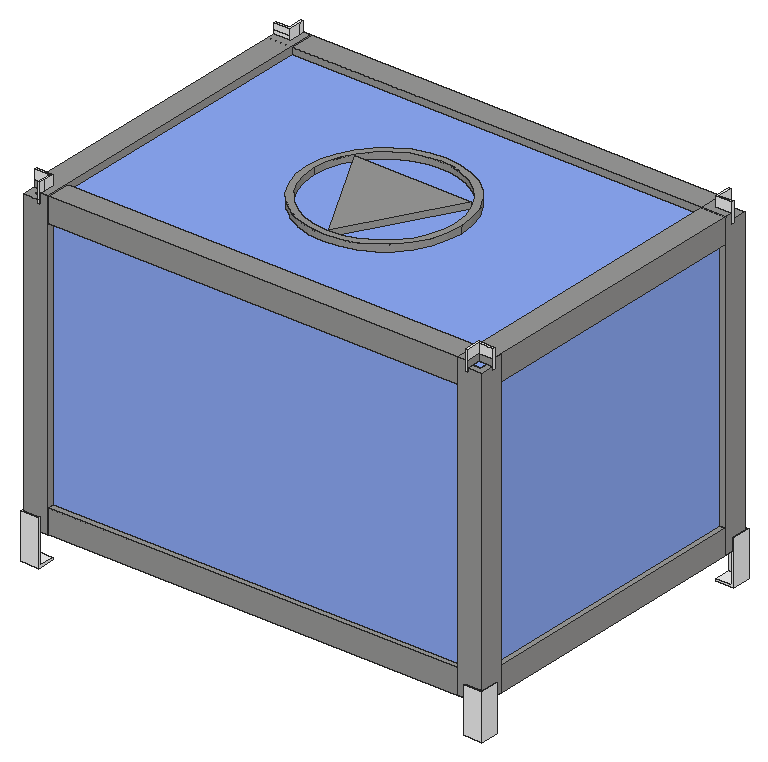
Revit family "2. Вентиляторы UTR V1.REZ", category Оборудование, Revit 2016
Family settings
  Тип детали = Нормальный
  Размер круглого соединителя = Использовать диаметр
  На основе рабочей плоскости = Нет
  Всегда вертикально = Да
  При загрузке вырезать с полостями = Нет
  Общий = Нет
  Точка расчета площади = Нет
Parameters (values of type "50-25/22")
  ширина = 500 mm
  размер В = 635 mm
  высота = 250 mm
  Синий = Синий
  Значок [instance] = yes
  Д1 = Д - 20 mm  # 490 mm
  Д = 510 mm
  ножки(да/нет) [instance] = no
  Г = 395 mm
  Б1 = Б - 20 mm  # 450 mm
  А1 = А - 20 mm  # 690 mm
  А = 710 mm
  высота ножек = 50 mm
  Б = 470 mm
  Частотный преобразователь [instance] = no
  Частота вращения n, об/мин = "2730"
  Тип, марка, обозначение = "UTR 50-25V1.REZ. 22-0,37x27(R)"
  Сила тока J, А = "1,66/0,96"
  Регулятор расхода [instance] = no
  Раздел = "ОВ"
  Примечание = ""
  Позиция = ""
  Напряжение U,В = "3х220/3х380"
  Наименование и тех.хар-ка = "Радиальный вентилятор с назад загнутыми лопатками и резервным электродвигателем выхлоп прямо"  # constant formula
  Мощность двигателя N,Вт = "370"
  Материал = RAL 0000 Серый металл
  Масса единицы = "51.5"
  Код, оборудования = ""
  Ключевая пометка = "Вентиляция"
  Задание электрикам [instance] = no
  Задание автоматчикам [instance] = no
  Завод изготовитель = "KORF"  # constant formula
  Единица измерения = "шт."  # constant formula
  h = высота ножек + 10 mm  # 60 mm
Types (23, lengths in mm): name | ширина | размер В | высота | Д1 | Д | Г | Б1 | А1 | А | Б | Частота вращения n, об/мин | Тип, марка, обозначение | Сила тока J, А | Напряжение U,В | Мощность двигателя N,Вт | Материал | Масса единицы
  50-25/22 | 500 | 635 | 250 | 490 | 510 | 395 | 450 | 690 | 710 | 470 | "2730" | "UTR 50-25V1.REZ. 22-0,37x27(R)" | "1,66/0,96" | "3х220/3х380" | "370" | RAL 0000 Серый металл | "51.5"
  50-25/25 | 500 | 635 | 250 | 490 | 510 | 395 | 450 | 690 | 710 | 470 | "2730" | "UTR 50-25V1.REZ. 25-0,55x27(R)" | "2,47/1,43" | "3х220/3х380" | "550" | Сталь серая | "54.5"
  50-30/25 | 500 | 635 | 300 | 490 | 510 | 445 | 500 | 690 | 710 | 520 | "2730" | "UTR 50-30V1.REZ. 25-0,55x27(R)" | "2,47/1,43" | "3х220/3х380" | "550" | Сталь серая | "56.5"
  50-30/28 | 500 | 635 | 300 | 690 | 710 | 445 | 500 | 690 | 710 | 520 | "2800" | "UTR 50-30V1.REZ. 28-1,1x28(R)" | "4,4/2,52" | "3х220/3х380" | "1100" | Сталь серая | "67.5"
  50-30/31 | 500 | 635 | 300 | 690 | 710 | 445 | 500 | 690 | 710 | 520 | "2800" | "UTR 50-30V1.REZ.31-1,1x28(R)" | "4,4/2,52" | "3х220/3х380" | "1100" | Сталь серая | "67.5"
  60-30/28 | 600 | 735 | 300 | 690 | 710 | 445 | 500 | 790 | 810 | 520 | "2800" | "UTR 60-30V1.REZ. 28-1,1x28(R)" | "4,4/2,52" | "3х220/3х380" | "1100" | Сталь серая | "71"
  60-30/31 | 600 | 735 | 300 | 690 | 710 | 445 | 500 | 790 | 810 | 520 | "2800" | "UTR 60-30V1.REZ. 31-1,1x28(R)" | "4,4/2,52" | "3х220/3х380" | "1100" | Сталь серая | "71"
  60-35/31 | 600 | 735 | 350 | 590 | 610 | 495 | 550 | 790 | 810 | 570 | "2800" | "UTR 60-35V1.REZ.31-1,1x28(R)" | "4,4/2,52" | "3х220/3х380" | "1100" | Сталь серая | "73"
  60-35/31-1,5 | 600 | 735 | 350 | 590 | 610 | 495 | 550 | 790 | 810 | 570 | "2880" | "UTR 60-35V1.REZ. 31-1,5x28(R)" | "5,6/3,3" | "3х220/3х380" | "1500" | Сталь серая | "81.5"
  60-35/35 | 600 | 735 | 350 | 590 | 610 | 495 | 550 | 790 | 810 | 570 | "2860" | "UTR 60-35V1.REZ. 35-2,2x28(R)" | "8,0/4,6" | "3х220/3х380" | "2200" | Сталь серая | "81"
  70-40/31 | 700 | 835 | 400 | 590 | 610 | 545 | 600 | 890 | 910 | 620 | "2800" | "UTR 70-40V1.REZ.31-1,1x28(R)" | "4,4/2,52" | "3х220/3х380" | "1100" | Сталь серая | "79"
  70-40/31-2,2 | 700 | 835 | 400 | 690 | 710 | 545 | 600 | 890 | 910 | 620 | "2860" | "UTR 70-40V1.REZ. 31-2,2x28(R)" | "8,0/4,6" | "3х220/3х380" | "2200" | Сталь серая | "96"
  70-40/35 | 700 | 835 | 400 | 690 | 710 | 545 | 600 | 890 | 910 | 620 | "2860" | "UTR 70-40V1.REZ. 35-2,2x28(R)" | "8,0/4,6" | "3х220/3х380" | "2200" | Сталь серая | "96"
  80-50/35 | 800 | 935 | 500 | 690 | 710 | 645 | 700 | 990 | 1010 | 720 | "2860" | "UTR 80-50V1.REZ. 35-2,2x28(R)" | "8,0/4,6" | "3х220/3х380" | "2200" | Сталь серая | "105"
  80-50/35-3,0 | 800 | 935 | 500 | 690 | 710 | 645 | 700 | 990 | 1010 | 720 | "2860" | "UTR 80-50V1.REZ. 35-3,0x28(R)" | "10,5/6,0" | "3х220/3х380" | "3000" | Сталь серая | "113.5"
  80-50/40 | 800 | 935 | 500 | 820 | 840 | 645 | 700 | 990 | 1010 | 720 | "2850" | "UTR 80-50V1.REZ. 40-4,0x28(R)" | "8,0/4,6" | "3х380/3х660" | "4000" | Сталь серая | "139"
  90-50/35 | 900 | 1050 | 500 | 710 | 730 | 665 | 720 | 1105 | 1125 | 740 | "2860" | "UTR 90-50V1.REZ. 35-3,0x28(R)" | "10,5/6,0" | "3х220/3х380" | "3000" | Сталь серая | "121.5"
  90-50/40 | 900 | 1050 | 500 | 820 | 840 | 665 | 720 | 1105 | 1125 | 740 | "2850" | "UTR 90-50V1.REZ. 40-4,0x28(R)" | "8,0/4,6" | "3х380/3х660" | "4000" | Сталь серая | "144.5"
  90-50/45 | 900 | 1050 | 500 | 820 | 840 | 665 | 720 | 1105 | 1125 | 740 | "1410" | "UTR 90-50V1.REZ. 45-3,0x14(R)" | "11,6/6,7" | "3х220/3х380" | "3000" | Сталь серая | "142.5"
  100-50/40 | 1000 | 1150 | 500 | 820 | 840 | 665 | 720 | 1205 | 1225 | 740 | "2850" | "UTR 100-50V1.REZ. 40-4,0x28(R)" | "8,0/4,6" | "3х380/3х660" | "4000" | Сталь серая | "146.5"
  100-50/45 | 1000 | 1150 | 500 | 820 | 840 | 665 | 720 | 1205 | 1225 | 740 | "1410" | "UTR 100-50V1.REZ. 45-3,0x14(R)" | "11,6/6,7" | "3х220/3х380" | "3000" | Сталь серая | "150.5"
  100-50/45-4,0 | 1000 | 1150 | 500 | 820 | 840 | 665 | 720 | 1205 | 1225 | 740 | "1410" | "UTR 100-50V1.REZ. 45-4,0x14(R)" | "8,5/4,9" | "3х380/3х660" | "4000" | Сталь серая | "161"
  100-50/45-5,5 | 1000 | 1150 | 500 | 820 | 840 | 665 | 720 | 1205 | 1225 | 740 | "1430" | "UTR 100-50V1.REZ. 45-5,5x14(R)" | "11,0/6,5" | "3х380/3х660" | "4000" | Сталь серая | "183"
Reference planes
  plane 1 "По центру (Вперед/Назад)": y = 0
  plane 2: z = 0
  plane 3 "По центру (Влево/Вправо)": x = 0
  plane 4: x = -345
  plane 5: x = 345
  plane 6: y = 245
  plane 7: y = -245
  plane 8: z = 510
  plane 9: z = 60
  plane 10: z = 535
  plane 11: x = 0
Forms (mm)
  Extrusion 1, solid, material "Синий" <- "Синий", detail levels fine
    sketch origin (0, 0, 50) x (1, 0, 0) y (0, 1, 0)
      loop
        line (-345, 245) -> (-345, -245) -> (345, -245) -> (345, 245) -> (-345, 245)
    from 10 to 460
  Sweep 2, solid, material "RAL 0000 Серый металл" <- "Материал", detail levels fine
    path origin (345, -245, 50) x (-1, 0, 0) y (0, 0, -1)
      loop
        line (0, -460) -> (690, -460) -> (690, -10) -> (0, -10) -> (0, -460)
    profile "Профиль уголок 10х10 : Профиль уголок 10х10" origin (0, -245, 510) x (0, 0, -1) y (0, -1, 0)
      loop
        line (0, -27.5) -> (0, 0) -> (27.5, 0) -> (27.5, 10) -> (-10, 10) -> (-10, -27.5) -> (0, -27.5)
  Sweep 3, solid, material "RAL 0000 Серый металл" <- "Материал", detail levels fine
    path origin (-345, 245, 50) x (1, 0, 0) y (0, 0, -1)
      loop
        line (0, -460) -> (690, -460) -> (690, -10) -> (0, -10) -> (0, -460)
    profile "Профиль уголок 10х10 : Профиль уголок 10х10" origin (0, 245, 510) x (0, 0, -1) y (0, 1, 0)
      loop
        line (0, -27.5) -> (0, 0) -> (27.5, 0) -> (27.5, 10) -> (-10, 10) -> (-10, -27.5) -> (0, -27.5)
  Sweep 4, solid, material "RAL 0000 Серый металл" <- "Материал", detail levels fine
    path origin (345, 245, 50) x (0, -1, 0) y (0, 0, -1)
      loop
        line (0, -460) -> (490, -460) -> (490, -10) -> (0, -10) -> (0, -460)
    profile "Профиль уголок 10х10 : Профиль уголок 10х10" origin (345, 0, 510) x (0, 0, -1) y (1, 0, 0)
      loop
        line (0, -27.5) -> (0, 0) -> (27.5, 0) -> (27.5, 10) -> (-10, 10) -> (-10, -27.5) -> (0, -27.5)
  Sweep 5, solid, material "RAL 0000 Серый металл" <- "Материал", detail levels fine
    path origin (-345, -245, 50) x (0, 1, 0) y (0, 0, -1)
      loop
        line (0, -460) -> (490, -460) -> (490, -10) -> (0, -10) -> (0, -460)
    profile "Профиль уголок 10х10 : Профиль уголок 10х10" origin (-345, 0, 510) x (0, 0, -1) y (-1, 0, 0)
      loop
        line (0, -27.5) -> (0, 0) -> (27.5, 0) -> (27.5, 10) -> (-10, 10) -> (-10, -27.5) -> (0, -27.5)
  Extrusion 6, void
    sketch origin (-345, -244.965, 60) x (0, -1, 0) y (0, 0, -1)
      loop
        line (-477.965, -475) -> (-477.965, -450) -> (-528.913, -450) -> (-528.913, -475) -> (-477.965, -475)
    from -47.452 to 12
  Extrusion 7, void, not visible
    sketch origin (-345, -245, 50) x (0, -1, 0) y (0, 0, -1)
      loop
        line (-477.965, -475) -> (-477.965, -450) -> (-528.913, -450) -> (-528.913, -475) -> (-477.965, -475)
    from -47.452 to 12
  Extrusion 8, void
    sketch origin (345, 244.965, 60) x (0, 1, 0) y (0, 0, -1)
      loop
        line (-11.965, -475) -> (38.984, -475) -> (38.984, -450) -> (-11.965, -450) -> (-11.965, -475)
    from -47.452 to 12
  Extrusion 9, void
    sketch origin (-345, -244.965, 60) x (0, -1, 0) y (0, 0, -1)
      loop
        line (-11.965, -475) -> (38.984, -475) -> (38.984, -450) -> (-11.965, -450) -> (-11.965, -475)
    from -47.452 to 12
  Extrusion 10, void
    sketch origin (345, 244.965, 60) x (0, 1, 0) y (0, 0, -1)
      loop
        line (-477.965, -475) -> (-477.965, -450) -> (-528.913, -450) -> (-528.913, -475) -> (-477.965, -475)
    from -47.452 to 12
  Extrusion 11, solid, material "RAL 0000 Серый металл" <- "Материал", visible <- "Значок", detail levels fine
    sketch origin (0, 0, 0) x (1, 0, 0) y (0, 1, 0)
      loop
        circle (0, 0) r 110
      loop
        circle (0, 0) r 120
      loop
        line (-90.263, 55) -> (0, -106.976) -> (90.263, 55) -> (-90.263, 55)
    from 510 to 520
Cuts and joins
  Extrusion 6, Extrusion 8, Extrusion 9, Extrusion 10 cuts Extrusion 1
  Extrusion 6, Extrusion 8, Extrusion 9, Extrusion 10 cuts Sweep 3
  Extrusion 6, Extrusion 8, Extrusion 9 cuts Sweep 5
  Extrusion 8, Extrusion 10 cuts Sweep 4
  Extrusion 9, Extrusion 10 cuts Sweep 2
Lines and regions (mm)
  model lines, style "InvisibleLines"
    curve 1: line (345, -245, 510) -> (-345, -245, 510)
    curve 2: line (-345, -245, 510) -> (-345, -245, 60)
    curve 3: line (-345, -245, 60) -> (345, -245, 60)
    curve 4: line (345, -245, 60) -> (345, -245, 510)
    curve 5: line (345, -245, 510) -> (-345, -245, 510)
    curve 6: line (-345, -245, 510) -> (-345, -245, 60)
    curve 7: line (-345, -245, 60) -> (345, -245, 60)
    curve 8: line (345, -245, 60) -> (345, -245, 510)
    curve 9: line (345, -245, 510) -> (-345, -245, 510)
    curve 10: line (-345, -245, 510) -> (-345, -245, 60)
    curve 11: line (-345, -245, 60) -> (345, -245, 60)
    curve 12: line (345, -245, 60) -> (345, -245, 510)
    curve 13: line (-345, 245, 510) -> (345, 245, 510)
    curve 14: line (345, 245, 510) -> (345, 245, 60)
    curve 15: line (345, 245, 60) -> (-345, 245, 60)
    curve 16: line (-345, 245, 60) -> (-345, 245, 510)
Dimensions and locks
  equal spacing: plane 6, plane 1 "По центру (Вперед/Назад)", plane 7
  "Д1": plane 6 to plane 7
  equal spacing: plane 4, plane 3 "По центру (Влево/Вправо)", plane 5
  "А1": plane 4 to plane 5
  "h": plane 9 to level
  "Б1": plane 8 to plane 9
  locked: plane 10 to plane 8 at 25
  cut or joined group of Sweep 2, Extrusion 9, Extrusion 10 to level = 50 mm
  plane 8 to plane 9 = 450 mm
  aligned and locked: level to plane 2
  aligned and locked: plane 6 to Extrusion 1
  aligned and locked: plane 5 to Extrusion 1
  aligned and locked: Extrusion 1 to plane 7
  aligned and locked: Extrusion 1 to plane 4
  aligned and locked: plane 8 to Extrusion 1
  aligned and locked: curve 8 to Extrusion 1
  aligned and locked: Extrusion 1 to plane 9
  aligned and locked: Sweep 4 sketch curve to Extrusion 1  (x2)
  aligned and locked: Sweep 5 sketch curve to Extrusion 1  (x2)
  aligned and locked: nested 1 to Sweep 5  (x2)
  aligned and locked: nested 2 to Sweep 4
  aligned and locked: Sweep 4 to nested 2
  aligned and locked: nested 4 to Sweep 4  (x2)
  aligned and locked: Sweep 5 to nested 3
  aligned and locked: nested 3 to Sweep 5
  aligned and locked: Extrusion 6 to nested 5  (x2)
  aligned and locked: Extrusion 8 to nested 7
  aligned and locked: nested 7 to Extrusion 8
  aligned and locked: Extrusion 9 to nested 8
  aligned and locked: nested 8 to Extrusion 9
  aligned and locked: Extrusion 10 to nested 9
  aligned and locked: nested 9 to Extrusion 10
  aligned and locked: nested 8 to cut or joined group of Sweep 2, Extrusion 9, Extrusion 10  (x2)
  aligned and locked: nested 5 to cut or joined group of Sweep 3, Extrusion 6, Extrusion 8, Extrusion 9, Extrusion 10
  aligned and locked: nested 5 to cut or joined group of Sweep 5, Extrusion 6, Extrusion 8, Extrusion 9
  aligned and locked: nested 7 to cut or joined group of Sweep 4, Extrusion 8, Extrusion 10
  aligned and locked: nested 7 to cut or joined group of Sweep 3, Extrusion 6, Extrusion 8, Extrusion 9, Extrusion 10
  aligned and locked: nested 9 to cut or joined group of Sweep 2, Extrusion 9, Extrusion 10
  aligned and locked: cut or joined group of Sweep 2, Extrusion 9, Extrusion 10 to nested 9
  aligned and locked: nested 8 to plane 10
  aligned and locked: plane 10 to nested 9
  aligned and locked: plane 10 to nested 5
  aligned and locked: nested 7 to plane 10
  aligned and locked: plane 7 to nested 10
  aligned and locked: plane 4 to nested 10
  aligned and locked: Extrusion 11 to plane 8
  aligned and locked: nested 11 to plane 9
  aligned and locked: Extrusion 11 to cut or joined group of Sweep 3, Extrusion 6, Extrusion 8, Extrusion 9, Extrusion 10
Automatic sketch dimensions
  Extrusion 6 sketch curve to Extrusion 6 sketch curve = 50.949 mm
  Extrusion 6 sketch curve to Extrusion 6 sketch curve = 25 mm
  Extrusion 7 sketch curve to Extrusion 7 sketch curve = 50.949 mm
  Extrusion 7 sketch curve to Extrusion 7 sketch curve = 25 mm
  Extrusion 8 sketch curve to Extrusion 8 sketch curve = 50.949 mm
  Extrusion 8 sketch curve to Extrusion 8 sketch curve = 25 mm
  Extrusion 9 sketch curve to Extrusion 9 sketch curve = 50.949 mm
  Extrusion 9 sketch curve to Extrusion 9 sketch curve = 25 mm
  Extrusion 10 sketch curve to Extrusion 10 sketch curve = 50.949 mm
  Extrusion 10 sketch curve to Extrusion 10 sketch curve = 25 mm
  plane 4 to Extrusion 1 sketch curve = 0 mm
  Extrusion 1 sketch curve to plane 5 = 0 mm
  Extrusion 1 sketch curve to plane 7 = 0 mm
  Extrusion 1 sketch curve to plane 6 = 0 mm
  curve 6 to Extrusion 1 = 0 mm  (x2)
  curve 1 to Extrusion 1 = 0 mm
  Sweep 2 sketch curve to Extrusion 1 = 0 mm  (x4)
  curve 16 to Extrusion 1 = 0 mm
  Extrusion 1 to curve 16 = 0 mm
  curve 15 to Extrusion 1 = 0 mm  (x2)
  Sweep 3 sketch curve to Extrusion 1 = 0 mm  (x3)
  Extrusion 1 to Sweep 3 sketch curve = 0 mm
  Sweep 4 sketch curve to Extrusion 1 = 0 mm  (x2)
  Sweep 5 sketch curve to Extrusion 1 = 0 mm  (x2)
  Extrusion 11 sketch curve to Extrusion 11 sketch curve = 0 mm  (x2)
  Extrusion 11 sketch curve to plane 3 "По центру (Влево/Вправо)" = 0 mm  (x2)
  plane 1 "По центру (Вперед/Назад)" to Extrusion 11 sketch curve = 0 mm
  Extrusion 11 sketch curve to plane 1 "По центру (Вперед/Назад)" = 55 mm
  plane 3 "По центру (Влево/Вправо)" to Extrusion 11 sketch curve = 90.263 mm
  Extrusion 11 sketch curve to plane 3 "По центру (Влево/Вправо)" = 90.263 mm
  plane 1 "По центру (Вперед/Назад)" to Extrusion 11 sketch curve = 106.976 mm
  radius of Extrusion 11 sketch curve = 120 mm
  radius of Extrusion 11 sketch curve = 110 mm
Nested families
  nested 1: "Ножка 50мм" at (-358, 258, 0), type "Ножка 50мм", detail levels fine
  nested 2: "Ножка 50мм" at (358, 258, 0) x (-1, 0, 0) z (0, 0, 1), type "Ножка 50мм", detail levels fine
  nested 3: "Ножка 50мм" at (-358, -258, 0), type "Ножка 50мм", detail levels fine
  nested 4: "Ножка 50мм" at (358, -258, 0) x (-1, 0, 0) z (0, 0, 1), type "Ножка 50мм", detail levels fine
  nested 5: "крепление 15мм" at (-330, 230, 505), type "крепление 15мм", detail levels fine
  nested 6: "крепление 15мм" at (-330, 229.965, 495), type "крепление 15мм", not visible, detail levels fine
  nested 7: "крепление 15мм" at (330, 230, 505) x (-1, 0, 0) z (0, 0, 1), type "крепление 15мм", detail levels fine
  nested 8: "крепление 15мм" at (-330, -230, 505), type "крепление 15мм", detail levels fine
  nested 9: "крепление 15мм" at (330, -230, 505) x (-1, 0, 0) z (0, 0, 1), type "крепление 15мм", detail levels fine
  nested 10: "УГО вентилятор" at (0, 0, 510), длина <- "Д1", Ширина <- "А1", type "УГО вентилятор", detail levels coarse
    with длина 490 mm, Ширина 690 mm
  nested 11: "УГО вентилятор (разрез)" at (0, 0, 60) x (0, -1, 0) z (0, 0, 1), длина <- "Д1", высота <- "Б1", type "УГО вентилятор (разрез)", detail levels medium
    with длина 490 mm, высота 450 mm, Ширина 0 mm
Connectors
  hvac at (0, -255, 285), driven by "высота", driven by "ширина"
    settings: on cut or joined group of Sweep 2, Extrusion 9, Extrusion 10, index 1, duct flow 0.0 L/s, flow factor 0, pres drop 0.0 Pa, loss coef 0, conn angle 0.00°, conn width 500 mm, conn height 250 mm, conn diameter 609.6 mm, duct sys type 28, conn prof type 1, flow config 0, flow direction 0, loss method 0, conn ref index 2, conn util no, is conn primary yes, conn desc ""
  hvac at (0, 255, 285), driven by "высота", driven by "ширина"
    settings: on cut or joined group of Sweep 3, Extrusion 6, Extrusion 8, Extrusion 9, Extrusion 10, index 2, duct flow 0.0 L/s, flow factor 0, pres drop 0.0 Pa, loss coef 0, conn angle 0.00°, conn width 500 mm, conn height 250 mm, conn diameter 609.6 mm, duct sys type 28, conn prof type 1, flow config 0, flow direction 0, loss method 0, conn ref index 1, conn util no, is conn primary no, conn desc ""
Definition of nested family "Ножка 50мм"
  Parameters (values of type "Ножка 50мм")
    Материал ножек = none
  Reference planes
    plane 1 "По центру (Вперед/Назад)": y = 0
    plane 2: z = 0
    plane 3 "По центру (Влево/Вправо)": x = 0
  Forms (mm)
    Extrusion 1, solid, material <- "Материал ножек"
      sketch origin (0, 0, 0) x (1, 0, 0) y (0, 1, 0)
        loop
          line (0, 0) -> (0, -28) -> (3, -28) -> (3, -3) -> (28, -3) -> (28, 0) -> (0, 0)
      from 0 to 70
    Extrusion 2, solid, material <- "Материал ножек"
      sketch origin (0, 0, 0) x (1, 0, 0) y (0, 1, 0)
        loop
          line (0, 0) -> (0, -28.035) -> (28.021, -28.035) -> (28.021, 0) -> (0, 0)
      from 0 to 3
  Cuts and joins
    joined: Extrusion 1, Extrusion 2
  Dimensions and locks
    Extrusion 1 sketch curve to Extrusion 1 sketch curve = 3 mm  (x2)
    Extrusion 1 sketch curve to Extrusion 1 sketch curve = 28 mm  (x2)
    aligned and locked: level to plane 2
Definition of nested family "крепление 15мм"
  Parameters (values of type "крепление 15мм")
    Материал крепления = none
  Reference planes
    plane 1 "По центру (Вперед/Назад)": y = 0
    plane 2: z = 0
    plane 3 "По центру (Влево/Вправо)": x = 0
  Forms (mm)
    Extrusion 1, solid, material <- "Материал крепления"
      sketch origin (0, 0, 0) x (1, 0, 0) y (0, 1, 0)
        loop
          line (-25, 0) -> (0, 0) -> (0, 18.31) -> (0, 25) -> (-3, 25) -> (-3, 3) -> (-25, 3) -> (-25, 0)
      from 0 to 30
    Extrusion 2, void
      sketch origin (0, 0, 0) x (1, 0, 0) y (0, 1, 0)
        loop
          line (-3, 3) -> (-3, 54.96) -> (-58, 54.96) -> (-58, 3) -> (-3, 3)
      from 0 to 15
  Cuts and joins
    Extrusion 2 cuts Extrusion 1
  Dimensions and locks
    Extrusion 1 sketch curve to Extrusion 1 sketch curve = 3 mm  (x2)
    Extrusion 1 sketch curve to Extrusion 1 sketch curve to plane 3 "По центру (Влево/Вправо)" = 25 mm, 0 mm
    Extrusion 1 sketch curve to Extrusion 1 sketch curve = 25 mm
    aligned and locked: level to plane 2
Definition of nested family "УГО вентилятор"
  Parameters (values of type "УГО вентилятор")
    длина [instance] = 750 mm
    Ширина [instance] = 410 mm
    Частота вращения n, об/мин = ""
    Тип, марка, обозначение = ""
    Сила тока J, А = ""
    Раздел = "ВПИСАТЬ РАЗДЕЛ"
    Примечание = ""
    Позиция = ""
    Default Elevation = 1219.2 mm
    Напряжение U,В = ""
    Наименование и тех.хар-ка = ""
    Мощность двигателя N,Вт = ""
    Материал = none
    Масса единицы = ""
    Код, оборудования = ""
    Keynote = "ВПИСАТЬ СПЕЦИАЛЬНОСТЬ"
    Завод изготовитель = ""
    Единица измерения = ""
    Диаметр = 110 mm
  Reference planes
    plane 1 "По центру (Вперед/Назад)": y = 0
    plane 2: z = 0
    plane 3 "По центру (Влево/Вправо)": x = 0
    plane 4: y = 375
    plane 5: y = -375
    plane 6: x = -205
    plane 7: x = 205
  Lines and regions (mm)
    model lines
      curve 1: line (-205, 375, 0) -> (205, 375, 0)
      curve 2: line (-205, -375, 0) -> (-205, 375, 0)
      curve 3: line (205, -375, 0) -> (-205, -375, 0)
      curve 4: line (205, 375, 0) -> (205, -375, 0)
      curve 5: circle (0, 0, 0) r 110 normal (0, 0, 1)
      curve 6: line (0, -110, 0) -> (95.263, 55, 0)
      curve 7: line (-95.263, 55, 0) -> (95.263, 55, 0)
      curve 8: line (0, -110, 0) -> (-95.263, 55, 0)
  Dimensions and locks
    "Ширина": plane 6 to plane 7
    "длина": plane 4 to plane 5
    equal spacing: plane 5, plane 1 "По центру (Вперед/Назад)", plane 4
    equal spacing: plane 6, plane 3 "По центру (Влево/Вправо)", plane 7
    "Диаметр": radius of curve 5
    aligned and locked: level to plane 2
  Automatic sketch dimensions
    plane 5 to curve 3 = 0 mm
    curve 3 to plane 6 = 0 mm
    curve 8 to plane 3 "По центру (Влево/Вправо)" = 0 mm
    plane 1 "По центру (Вперед/Назад)" to curve 5 = 0 mm
    curve 5 to plane 3 "По центру (Влево/Вправо)" = 0 mm
    curve 1 to plane 4 = 0 mm
    curve 1 to plane 7 = 0 mm
    curve 8 to plane 1 "По центру (Вперед/Назад)" = 55 mm
Definition of nested family "УГО вентилятор (разрез)"
  Parameters (values of type "УГО вентилятор (разрез)")
    длина [instance] = 750 mm
    высота [instance] = 410 mm
    Ширина [instance] = 410 mm
    Частота вращения n, об/мин = ""
    Тип, марка, обозначение = ""
    Сила тока J, А = ""
    Раздел = ""
    Примечание = ""
    Позиция = ""
    Default Elevation = 1219.2 mm
    Напряжение U,В = ""
    Наименование и тех.хар-ка = ""
    Мощность двигателя N,Вт = ""
    Материал = none
    Масса единицы = ""
    Код, оборудования = ""
    Keynote = ""
    Завод изготовитель = ""
    Единица измерения = ""
    Диаметр = 110 mm
  Reference planes
    plane 1 "По центру (Вперед/Назад)": y = 0
    plane 2: z = 0
    plane 3 "По центру (Влево/Вправо)": x = 0
    plane 4: z = 410
    plane 5: x = 375
    plane 6: x = -375
    plane 7: z = 205
  Lines and regions (mm)
    model lines
      curve 1: circle (0, 0, 205) r 110 normal (0, -1, 0)
      curve 2: line (110, 0, 205) -> (-53.146, 0, 301.309)
      curve 3: line (110, 0, 205) -> (-53.146, 0, 108.691)
      curve 4: line (-375, 0, 0) -> (375, 0, 0)
      curve 5: line (-375, 0, 410) -> (-375, 0, 0)
      curve 6: line (375, 0, 410) -> (-375, 0, 410)
      curve 7: line (375, 0, 0) -> (375, 0, 410)
      curve 8: line (-53.146, 0, 301.309) -> (-53.146, 0, 108.691)
  Dimensions and locks
    equal spacing: plane 5, plane 3 "По центру (Влево/Вправо)", plane 6
    "длина": plane 5 to plane 6
    "высота": plane 4 to level
    equal spacing: plane 4, plane 7, plane 2
    radius of curve 1 = 110 mm
    aligned and locked: level to plane 2
  Automatic sketch dimensions
    curve 5 to level = 0 mm
    curve 5 to plane 6 = 0 mm
    curve 1 to plane 3 "По центру (Влево/Вправо)" = 0 mm
    curve 7 to plane 4 = 0 mm
    curve 7 to plane 5 = 0 mm
    curve 1 to plane 7 = 0 mm
    curve 2 to plane 7 = 0 mm
    curve 2 to plane 3 "По центру (Влево/Вправо)" = 53.146 mm
    curve 8 to curve 2 = 0 mm
    curve 3 to curve 8 = 0 mm
